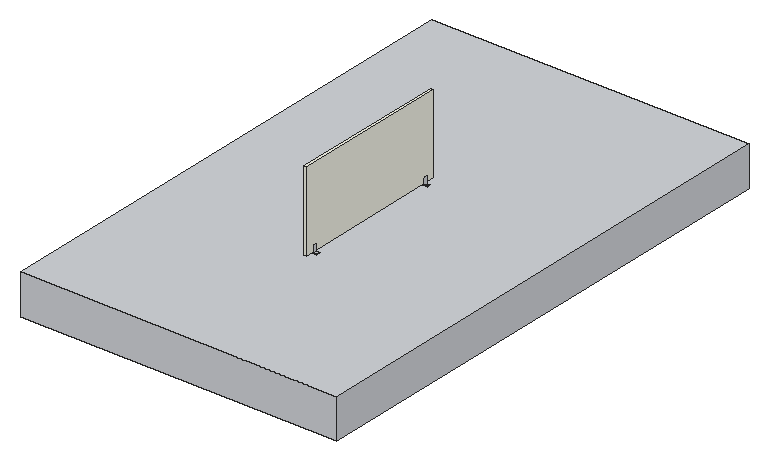
Revit family
Parameters (values of type "48" Urinal Screen")
  Wall Gap = 0' - 0 1/2"
  URL = "www.bobrick.com"
  Type Comments = "DuraLineSeries Class A Fire Resistant Solid Phenolic Partitions and Screens"
  Product Page URL = ""
  Partition Material = Melamine Surface - Bobrick
  Panel Thickness = 0' - 0 3/4"
  Panel Height = 4' - 0"
  Panel Depth = 2' - 0"
  Model = "1183 Series"
  Manufacturer = "Bobrick Washroom Equipment, Inc."
  Floor Offset = Default Elevation  # 1' - 0"
  Finish Material = Stainless Steel - Bobrick - Satin
  Description = "Wall Hung Urinal Screen"
  Default Elevation = 1' - 0"
  Ceiling Height = 5' - 7"
  Bracket Spacing = 3' - 6"
  Bracket Height = 0' - 3"
  Assembly Code = "C1030210"
  Floor to Ceiling Post = no
Types (4): name | Panel Height | Model | Floor Offset | Description | Default Elevation | Ceiling Height | Bracket Spacing | Bracket Height | Floor to Ceiling Post
  (no name) | 4' - 0" | "1183 Series" | 1' - 0" | "Wall Hung Urinal Screen" | 1' - 0" | 5' - 7" | 3' - 6" | 0' - 3" | no
  42" Urinal Screen | 3' - 6" | "1183 Series" | 1' - 6" | "Wall Hung Urinal Screen" | 1' - 6" | 10' - 0" | 3' - 0" | 0' - 3" | no
  48" Urinal Screen | 4' - 0" | "1183 Series" | 1' - 0" | "Wall Hung Urinal Screen" | 1' - 0" | 5' - 7" | 3' - 6" | 0' - 3" | no
  Urinal Screen B-1183 | 4' - 10" | "1180 Series" | 1' - 0" | "Post to Ceiling Screen" | 1' - 0" | 8' - 0" | 3' - 10" | 0' - 6" | yes
Reference planes (in)
  plane 1 "Center (Front/Back)": y = 0
  plane 2: z = 0
  plane 3 "Center (Left/Right)": x = 0
  plane 4: y = 48
  plane 5: x = -0.375
  plane 6: x = 0.375
  plane 7: z = 24.5
  plane 8: z = 0.5
  plane 9: y = 3
  plane 10: y = 45
  plane 11: y = 55
  plane 12: y = -12
  plane 13 "Post": z = 25
  plane 14: z = 26.25
  plane 15: x = -0.625
  plane 16: x = 0.625
  plane 17: y = 24
Forms (in)
  Extrusion 1, solid
    sketch origin (0, 0, 0) x (1, 0, 0) y (0, 1, 0)
      loop
        line (-48, 108) -> (-48, -48) -> (48, -48) -> (48, 108) -> (-48, 108)
    from 0 to -12
  Extrusion 2, solid, material "Melamine Surface - Bobrick" <- "Partition Material"
    sketch origin (0, 0, 0) x (1, 0, 0) y (0, 1, 0)
      loop
        line (0.375, 0) -> (0.375, 48) -> (-0.375, 48) -> (-0.375, 0) -> (0.375, 0)
    from 0.5 to 24.5
  Extrusion 3, solid, material "Stainless Steel - Bobrick - Satin" <- "Finish Material", visible <- "Floor to Ceiling Post"
    sketch origin (0, 0, 0) x (1, 0, 0) y (0, 0, 1)
      loop
        line (-0.625, 26.25) -> (-0.625, 25) -> (0.625, 25) -> (0.625, 26.25) -> (-0.625, 26.25)
    from -55 to 12
Lines and regions (in)
  Masking region 1
    outline origin (0, 0, 0) x (0, 1, 0) y (0, 0, 1)
      loop
        line (48, 0.5) -> (48, 24.5) -> (0, 24.5) -> (0, 0.5) -> (2.5, 0.5) -> (2.5, 0) -> (3.5, 0) -> (3.5, 0.5) -> (44.5, 0.5) -> (44.5, 0) -> (45.5, 0) -> (45.5, 0.5) -> (48, 0.5)
  Masking region 2
    outline origin (0, 0, 0) x (1, 0, 0) y (0, 0, 1)
      loop
        line (0.375, 2.25) -> (0.375, 24.5) -> (-0.375, 24.5) -> (-0.375, 2.25) -> (-0.5, 2.25) -> (-0.5, 0.125) -> (-1.5, 0.125) -> (-1.5, 0) -> (1.5, 0) -> (1.5, 0.125) -> (0.5, 0.125) -> (0.5, 2.25) -> (0.375, 2.25)
  Masking region 3
    outline origin (0, 0, 0) x (1, 0, 0) y (0, 1, 0)
      loop
        line (0.375, 48) -> (-0.375, 48) -> (-0.375, 45.5) -> (-1.5, 45.5) -> (-1.5, 44.5) -> (-0.375, 44.5) -> (-0.375, 3.5) -> (-1.5, 3.5) -> (-1.5, 2.5) -> (-0.375, 2.5) -> (-0.375, 0) -> (0.375, 0) -> (0.375, 2.5) -> (1.5, 2.5) -> (1.5, 3.5) -> (0.375, 3.5) -> (0.375, 44.5) -> (1.5, 44.5) -> (1.5, 45.5) -> (0.375, 45.5) -> (0.375, 48)
  Masking region 4, visible <- "Floor to Ceiling Post"
    outline origin (0, 0, 0) x (1, 0, 0) y (0, 0, 1)
      loop
        line (-0.375, 22.75) -> (-0.375, 24.875) -> (0.375, 24.875) -> (0.375, 22.75) -> (0.625, 22.75) -> (0.625, 26.25) -> (-0.625, 26.25) -> (-0.625, 22.75) -> (-0.375, 22.75)
  Masking region 5, visible <- "Floor to Ceiling Post"
    outline origin (0, 0, 0) x (0, 1, 0) y (0, 0, 1)
      loop
        line (55, 26.25) -> (-12, 26.25) -> (-12, 25) -> (2.5, 25) -> (2.5, 22.75) -> (3.5, 22.75) -> (3.5, 25) -> (23.5, 25) -> (23.5, 22.75) -> (24.5, 22.75) -> (24.5, 25) -> (44.5, 25) -> (44.5, 22.75) -> (45.5, 22.75) -> (45.5, 25) -> (55, 25) -> (55, 26.25)
  symbolic lines, style "Urinal Screens"
    curve 1: line (0, 3.5, 0.5) -> (0, 3.5, 2.25)
    curve 2: line (0, 3.5, 2.25) -> (0, 2.5, 2.25)
    curve 3: line (0, 2.5, 2.25) -> (0, 2.5, 0.5)
    curve 4: line (0, 3.5, 0.125) -> (0, 2.5, 0.125)
    curve 5: line (0, 45.5, 0.5) -> (0, 45.5, 2.25)
    curve 6: line (0, 45.5, 2.25) -> (0, 44.5, 2.25)
    curve 7: line (0, 44.5, 2.25) -> (0, 44.5, 0.5)
    curve 8: line (0, 45.5, 0.125) -> (0, 44.5, 0.125)
    curve 9: line (0.375, 0, 2.25) -> (0.375, 0, 0.125)
    curve 10: line (0.375, 0, 0.125) -> (-0.375, 0, 0.125)
    curve 11: line (-0.375, 0, 0.125) -> (-0.375, 0, 2.25)
    curve 12: line (0.375, 0, 0.5) -> (-0.375, 0, 0.5)
    curve 13: line (0.5, 3.5, 0) -> (0.5, 2.5, 0)
    curve 14: line (-0.5, 3.5, 0) -> (-0.5, 2.5, 0)
    curve 15: line (-0.375, 3.5, 0) -> (-0.375, 2.5, 0)
    curve 16: line (0.375, 3.5, 0) -> (0.375, 2.5, 0)
    curve 17: line (-0.375, 45.5, 0) -> (-0.375, 44.5, 0)
    curve 18: line (-0.5, 45.5, 0) -> (-0.5, 44.5, 0)
    curve 19: line (0.375, 45.5, 0) -> (0.375, 44.5, 0)
    curve 20: line (0.5, 45.5, 0) -> (0.5, 44.5, 0)
  symbolic lines, style "Urinal Screens", visible <- "Floor to Ceiling Post"
    curve 21: line (0, 45.5, 25) -> (0, 44.5, 25)
    curve 22: line (0, 24.5, 25) -> (0, 23.5, 25)
    curve 23: line (0, 3.5, 25) -> (0, 2.5, 25)
    curve 24: line (-0.625, 0, 25) -> (0.625, 0, 25)
Dimensions and locks (in)
  equal spacing: plane 5, plane 3 "Center (Left/Right)", plane 6
  "Panel Thickness": plane 5 to plane 6
  "Panel Height": plane 1 "Center (Front/Back)" to plane 4
  "Wall Gap": plane 8 to level
  "Panel Depth": plane 7 to plane 8
  "Bracket Height": plane 1 "Center (Front/Back)" to plane 9
  "Bracket Spacing": plane 10 to plane 9
  "Floor Offset": plane 12 to plane 1 "Center (Front/Back)"
  "Ceiling Height": plane 11 to plane 12
  "Wall Gap": plane 13 "Post" to plane 7
  locked: plane 14 to plane 13 "Post" at 1.25
  plane 15 to plane 3 "Center (Left/Right)" to plane 16 = 0' - 0 5/8" locked, 0' - 0 5/8" locked
  equal spacing: plane 10, plane 17, plane 9
  aligned and locked: plane 2 to Extrusion 1
  aligned and locked: level to Extrusion 1
  aligned and locked: Extrusion 2 sketch curve to plane 1 "Center (Front/Back)"
  aligned and locked: plane 6 to Extrusion 2 sketch curve
  aligned and locked: Extrusion 2 sketch curve to plane 4
  aligned and locked: plane 5 to Extrusion 2 sketch curve
  aligned and locked: plane 7 to Extrusion 2
  aligned and locked: Extrusion 2 to plane 8
  aligned and locked: nested 1 to level
  aligned and locked: plane 3 "Center (Left/Right)" to nested 1
  aligned and locked: nested 1 to plane 9
  aligned and locked: nested 2 to level
  aligned and locked: nested 2 to plane 10
  aligned and locked: Masking region 1 sketch curve to Extrusion 2  (x4)
  aligned and locked: nested 1 to Masking region 1 sketch curve
  aligned and locked: Masking region 1 sketch curve to nested 1  (x2)
  aligned and locked: Masking region 1 sketch curve to nested 2  (x2)
  aligned and locked: nested 2 to Masking region 1 sketch curve
  aligned and locked: Extrusion 2 to Masking region 2 sketch curve
  aligned and locked: Masking region 2 sketch curve to Extrusion 2
  aligned and locked: Extrusion 1 to Masking region 2 sketch curve
  aligned and locked: Masking region 2 sketch curve to nested 2  (x7)
  aligned and locked: Masking region 3 sketch curve to Extrusion 2  (x4)
  aligned and locked: Masking region 3 sketch curve to nested 1  (x4)
  aligned and locked: Masking region 3 sketch curve to nested 2  (x4)
  aligned and locked: Extrusion 3 sketch curve to plane 14
  aligned and locked: Extrusion 3 sketch curve to plane 15
  aligned and locked: plane 13 "Post" to Extrusion 3 sketch curve
  aligned and locked: Extrusion 3 sketch curve to plane 16
  aligned and locked: plane 11 to Extrusion 3
  aligned and locked: Extrusion 3 to plane 12
  aligned and locked: plane 13 "Post" to nested 3
  aligned and locked: plane 3 "Center (Left/Right)" to nested 3
  aligned and locked: nested 3 to plane 10
  aligned and locked: nested 5 to plane 9
  aligned and locked: plane 17 to nested 4
  aligned and locked: plane 7 to Masking region 2 sketch curve
  aligned and locked: Masking region 4 sketch curve to plane 14
  aligned and locked: Masking region 4 sketch curve to plane 16
  aligned and locked: Masking region 4 sketch curve to plane 15
  aligned and locked: Masking region 4 sketch curve to plane 5
  aligned and locked: Masking region 4 sketch curve to plane 6
  aligned and locked: Masking region 4 sketch curve to nested 5  (x3)
  aligned and locked: plane 14 to Masking region 5 sketch curve
  aligned and locked: Masking region 5 sketch curve to plane 12
  aligned and locked: Masking region 5 sketch curve to plane 13 "Post"  (x4)
  aligned and locked: nested 5 to Masking region 5 sketch curve
  aligned and locked: Masking region 5 sketch curve to nested 5  (x2)
  aligned and locked: nested 4 to Masking region 5 sketch curve
  aligned and locked: Masking region 5 sketch curve to nested 4  (x2)
  aligned and locked: plane 11 to Masking region 5 sketch curve
  aligned and locked: Masking region 5 sketch curve to nested 3
  aligned and locked: nested 3 to Masking region 5 sketch curve
  aligned and locked: Masking region 5 to nested 3
  aligned and locked: plane 13 "Post" to nested 5
  aligned and locked: plane 13 "Post" to nested 4
Automatic sketch dimensions
  Extrusion 1 sketch curve to Extrusion 1 sketch curve = 8' - 0"
  Extrusion 1 sketch curve to Extrusion 1 sketch curve = 13' - 0"
  plane 10 to Masking region 3 sketch curve = 0' - 0 1/2"
  Masking region 3 sketch curve to plane 5 = 0' - 0"  (x2)
  Masking region 3 sketch curve to plane 6 = 0' - 0"  (x2)
  Masking region 3 sketch curve to plane 10 = 0' - 0 1/2"
  plane 9 to Masking region 3 sketch curve = 0' - 0 1/2"
  Masking region 3 sketch curve to plane 9 = 0' - 0 1/2"
  curve 15 to plane 5 = 0' - 0"
  curve 17 to plane 5 = 0' - 0"
  curve 19 to plane 6 = 0' - 0"
  curve 16 to plane 6 = 0' - 0"
  curve 18 to curve 17 = 0' - 0 1/8"
  curve 14 to plane 5 = 0' - 0 1/8"
  curve 13 to plane 6 = 0' - 0 1/8"
  curve 20 to plane 6 = 0' - 0 1/8"
  curve 13 to plane 9 = 0' - 0 1/2"
  curve 15 to plane 9 = 0' - 0 1/2"
  curve 14 to curve 15 = 0' - 0"  (x2)
  curve 16 to curve 13 = 0' - 0"  (x2)
  plane 9 to curve 15 = 0' - 0 1/2"
  plane 9 to curve 16 = 0' - 0 1/2"
  curve 20 to plane 10 = 0' - 0 1/2"
  curve 17 to plane 10 = 0' - 0 1/2"
  curve 19 to curve 20 = 0' - 0"  (x2)
  curve 18 to curve 17 = 0' - 0"  (x2)
  plane 10 to curve 18 = 0' - 0 1/2"
  plane 10 to curve 20 = 0' - 0 1/2"
  level to Masking region 2 sketch curve = 0' - 0 1/8"
  curve 3 to plane 8 = 0' - 0"
  curve 23 to plane 13 "Post" = 0' - 0"
  curve 1 to plane 8 = 0' - 0"
  curve 22 to plane 13 "Post" = 0' - 0"
  curve 7 to plane 8 = 0' - 0"
  curve 21 to plane 13 "Post" = 0' - 0"
  curve 5 to plane 8 = 0' - 0"
  curve 2 to plane 9 = 0' - 0 1/2"
  level to curve 4 = 0' - 0 1/8"
  curve 4 to curve 3 = 0' - 0"
  curve 23 to plane 9 = 0' - 0 1/2"
  plane 9 to curve 1 = 0' - 0 1/2"
  curve 4 to curve 1 = 0' - 0"
  plane 9 to curve 23 = 0' - 0 1/2"
  plane 17 to curve 22 = 0' - 0 1/2"
  curve 22 to plane 17 = 0' - 0 1/2"
  level to curve 8 = 0' - 0 1/8"
  curve 8 to plane 10 = 0' - 0 1/2"
  curve 7 to plane 10 = 0' - 0 1/2"
  curve 21 to plane 10 = 0' - 0 1/2"
  plane 10 to curve 21 = 0' - 0 1/2"
  plane 10 to curve 8 = 0' - 0 1/2"
  plane 10 to curve 6 = 0' - 0 1/2"
  curve 3 to curve 2 = 0' - 1 3/4"
  plane 8 to curve 5 = 0' - 1 3/4"
  curve 24 to plane 13 "Post" = 0' - 0"
  plane 15 to curve 24 = 0' - 0"
  curve 12 to plane 5 = 0' - 0"
  plane 6 to curve 12 = 0' - 0"
  curve 24 to plane 16 = 0' - 0"
  curve 12 to plane 8 = 0' - 0"
  level to curve 11 = 0' - 0 1/8"
  plane 8 to curve 11 = 0' - 1 3/4"
  curve 9 to curve 11 = 0' - 0"
  Masking region 1 sketch curve to plane 8 = 0' - 0"  (x2)
  Masking region 5 sketch curve to plane 7 = 0' - 1 3/4"
Nested families (in)
  nested 1: "Wall_Hung_Bracket-Bobrick" at (0, 2.5, 0), type "1 Inch Panel"
  nested 2: "Wall_Hung_Bracket-Bobrick" at (0, 44.5, 0), type "1 Inch Panel"
  nested 3: "Panel_to_Post_Bracket-Bobrick" at (0, 44.5, 25), visible <- "Floor to Ceiling Post", type "1 Inch Panel"
  nested 4: "Panel_to_Post_Bracket-Bobrick" at (0, 23.5, 25), visible <- "Floor to Ceiling Post", type "1 Inch Panel"
  nested 5: "Panel_to_Post_Bracket-Bobrick" at (0, 2.5, 25), visible <- "Floor to Ceiling Post", type "1 Inch Panel"
Definition of nested family "Wall_Hung_Bracket-Bobrick"
  Parameters (values of type "1 Inch Panel")
    Panel Thickness = 0' - 1"
  Types (3): name | Panel Thickness
    (no name) | 0' - 1"
    1 Inch Panel | 0' - 1"
    3/4 Inch Panel | 0' - 0 3/4"
  Reference planes (in)
    plane 1 "Center (Front/Back)": y = 0
    plane 2: z = 0
    plane 3 "Center (Left/Right)": x = 0
    plane 4: y = 1
    plane 5: x = 1.5
    plane 6: x = -1.5
    plane 7: x = -0.5
    plane 8: x = 0.5
    plane 9: x = -0.625
    plane 10: x = 0.625
    plane 11: z = 0.125
    plane 12: z = 2.25
    plane 13: y = 0.5
  Forms (in)
    Extrusion 1, solid, material "Stainless Steel - Bobrick - Satin"
      sketch origin (0, 0, 0) x (1, 0, 0) y (0, 1, 0)
        loop
          line (-1.5, 1) -> (-1.5, 0) -> (1.5, 0) -> (1.5, 1) -> (-1.5, 1)
      from 0 to 0.125
    Extrusion 2, solid, material "Stainless Steel - Bobrick - Satin"
      sketch origin (0, 0, 0) x (1, 0, 0) y (0, 1, 0)
        loop
          line (-0.625, 1) -> (-0.625, 0) -> (-0.5, 0) -> (-0.5, 1) -> (-0.625, 1)
      from 0.125 to 2.25
    Extrusion 3, solid, material "Stainless Steel - Bobrick - Satin"
      sketch origin (0, 0, 0) x (1, 0, 0) y (0, 1, 0)
        loop
          line (0.5, 1) -> (0.5, 0) -> (0.625, 0) -> (0.625, 1) -> (0.5, 1)
      from 0.125 to 2.25
  Cuts and joins
    joined: Extrusion 1, Extrusion 2, Extrusion 3
  Dimensions and locks (in)
    equal spacing: plane 6, plane 3 "Center (Left/Right)", plane 5
    plane 6 to plane 5 = 0' - 3"
    plane 1 "Center (Front/Back)" to plane 4 = 0' - 1"
    equal spacing: plane 7, plane 3 "Center (Left/Right)", plane 8
    "Panel Thickness": plane 7 to plane 8
    locked: plane 9 to plane 7 at 0.125
    locked: plane 8 to plane 10 at 0.125
    locked: plane 11 to level at 0.125
    locked: plane 12 to level at 2.25
    plane 4 to plane 13 to plane 1 "Center (Front/Back)" = 0' - 0 1/2" locked, 0' - 0 1/2" locked
    aligned and locked: plane 2 to level
    aligned and locked: Extrusion 1 sketch curve to plane 4
    aligned and locked: Extrusion 1 sketch curve to plane 6
    aligned and locked: Extrusion 1 sketch curve to plane 1 "Center (Front/Back)"
    aligned and locked: Extrusion 1 sketch curve to plane 5
    aligned and locked: Extrusion 1 to level
    aligned and locked: plane 11 to Extrusion 1
    aligned and locked: Extrusion 2 sketch curve to plane 4
    aligned and locked: plane 9 to Extrusion 2 sketch curve
    aligned and locked: Extrusion 2 sketch curve to plane 1 "Center (Front/Back)"
    aligned and locked: Extrusion 2 sketch curve to plane 7
    aligned and locked: Extrusion 2 to plane 11
    aligned and locked: plane 12 to Extrusion 2
    aligned and locked: plane 10 to Extrusion 3 sketch curve
    aligned and locked: Extrusion 3 sketch curve to plane 8
    aligned and locked: Extrusion 3 sketch curve to plane 4
    aligned and locked: Extrusion 3 sketch curve to plane 1 "Center (Front/Back)"
    aligned and locked: plane 12 to Extrusion 3
    aligned and locked: Extrusion 3 to plane 11
Definition of nested family "Panel_to_Post_Bracket-Bobrick"
  Parameters (values of type "1 Inch Panel")
    Panel Thickness = 0' - 1"
    Assembly Code = ""
  Reference planes (in)
    plane 1 "Center (Front/Back)": y = 0
    plane 2: z = 0
    plane 3 "Center (Left/Right)": x = 0
    plane 4: y = 1
    plane 5: x = -0.5
    plane 6: x = 0.5
    plane 7: x = -0.625
    plane 8: x = 0.625
    plane 9: z = -0.125
    plane 10: z = -2.25
    plane 11: y = 0.5
  Forms (in)
    Extrusion 1, solid, material "Stainless Steel - Bobrick - Satin"
      sketch origin (0, 0, 0) x (1, 0, 0) y (0, 1, 0)
        loop
          line (-0.625, 1) -> (-0.625, 0) -> (0.625, 0) -> (0.625, 1) -> (-0.625, 1)
      from 0 to -0.125
    Extrusion 2, solid, material "Stainless Steel - Bobrick - Satin"
      sketch origin (0, 0, 0) x (1, 0, 0) y (0, 1, 0)
        loop
          line (-0.625, 1) -> (-0.625, 0) -> (-0.5, 0) -> (-0.5, 1) -> (-0.625, 1)
      from -0.125 to -2.25
    Extrusion 3, solid, material "Stainless Steel - Bobrick - Satin"
      sketch origin (0, 0, 0) x (1, 0, 0) y (0, 1, 0)
        loop
          line (0.5, 1) -> (0.5, 0) -> (0.625, 0) -> (0.625, 1) -> (0.5, 1)
      from -0.125 to -2.25
  Cuts and joins
    joined: Extrusion 1, Extrusion 2, Extrusion 3
  Dimensions and locks (in)
    plane 1 "Center (Front/Back)" to plane 4 = 0' - 1"
    equal spacing: plane 5, plane 3 "Center (Left/Right)", plane 6
    "Panel Thickness": plane 5 to plane 6
    locked: plane 7 to plane 5 at 0.125
    locked: plane 6 to plane 8 at 0.125
    locked: level to plane 9 at 0.125
    locked: level to plane 10 at 2.25
    plane 4 to plane 11 to plane 1 "Center (Front/Back)" = 0' - 0 1/2" locked, 0' - 0 1/2" locked
    aligned and locked: plane 2 to level
    aligned and locked: Extrusion 1 sketch curve to plane 4
    aligned and locked: Extrusion 1 sketch curve to plane 1 "Center (Front/Back)"
    aligned and locked: Extrusion 1 to level
    aligned and locked: plane 9 to Extrusion 1
    aligned and locked: Extrusion 2 sketch curve to plane 4
    aligned and locked: plane 7 to Extrusion 2 sketch curve
    aligned and locked: Extrusion 2 sketch curve to plane 1 "Center (Front/Back)"
    aligned and locked: Extrusion 2 sketch curve to plane 5
    aligned and locked: Extrusion 2 to plane 9
    aligned and locked: plane 10 to Extrusion 2
    aligned and locked: plane 8 to Extrusion 3 sketch curve
    aligned and locked: Extrusion 3 sketch curve to plane 6
    aligned and locked: Extrusion 3 sketch curve to plane 4
    aligned and locked: Extrusion 3 sketch curve to plane 1 "Center (Front/Back)"
    aligned and locked: plane 10 to Extrusion 3
    aligned and locked: Extrusion 3 to plane 9
    aligned and locked: Extrusion 1 to plane 7
    aligned and locked: Extrusion 1 to plane 8
  Automatic sketch dimensions
    Extrusion 1 sketch curve to plane 8 = 0' - 0"
    Extrusion 1 sketch curve to plane 7 = 0' - 0"
